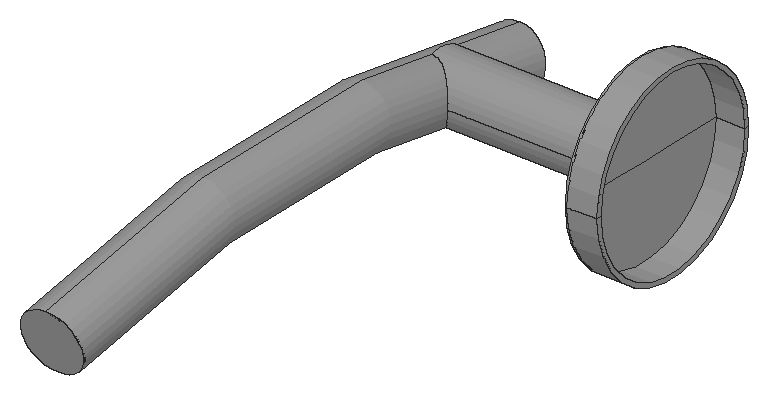
Revit family "TH 121", category Specialty Equipment, Revit 2012
Parameters
  Type Comments = "DORMA TH121"
  Model = "TH121"
  Manufacturer = "DORMA"
  Description = "DORMA TH121"
Reference planes
  plane 1 "Center (Front/Back)": y = 0
  plane 2: z = 0
  plane 3 "Center (Left/Right)": x = 0
Forms (mm)
  Revolve 1, solid, material "Matt chrome"
    sketch origin (-18.5, 0, 0) x (0, 1, 0) y (-1, 0, 0)
      loop
        line (0, 8) -> (0, 7) -> (21.536, 7) -> (21.536, 0) -> (22.536, 0) -> (22.536, 7.154)
        arc (22.536, 7.154) -> (22.288, 7.752) -> (21.69, 8) r 0.846
        line (21.69, 8) -> (0, 8)
      axis (0, 8) -> (0, 0)
    angle from 0 to 360
  Sweep 2, solid, material "Matt chrome"
    path origin (-26.34, -70.5, 0) x (0, -1, 0) y (1, 0, 0)
      loop
        line (-70.5, 0.84) -> (-70.5, -47.485)
    profile origin (-49.662, 0, 0) x (0, -1, 0) y (0, 0, 1)
      loop
        circle (0, 0) r 7.5
  Sweep 3, solid, material "Matt chrome"
    path origin (-73.825, 0, 8.281) x (0, 1, 0) y (0, 0, 1)
      loop
        arc (21.613, -13.008) -> (-47.11, -4.121) -> (-115.832, -13.008) r 270.163
    profile origin (-73.825, -47.11, 4.16) x (0, 0, -1) y (1, 0, 0)
      loop
        circle (0, 0) r 7.5
Cuts and joins
  joined: Revolve 1, Sweep 2
Dimensions and locks
  aligned and locked: level to plane 2
